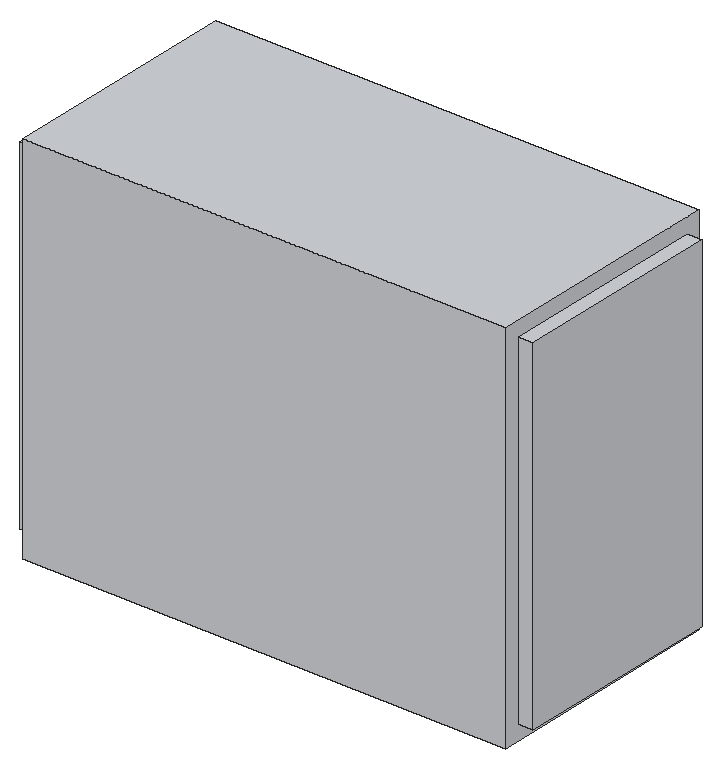
Revit family "a7e8cc0cfe65486281cfa3dd33e79fb8", category Mechanical Equipment, Revit 2021
Family settings
  Round Connector Dimension = Use Diameter
  Part Type = Normal
  OmniClass Number = 23.75.35.14
  OmniClass Title = Air Handling Units
  Seek Item ID = AHU Inspection Module - Medium-0000-USA-ENU
  Work Plane-Based = No
  Always vertical = Yes
  Cut with Voids When Loaded = No
  Shared = No
  Room Calculation Point = No
Parameters (values of type "For 3 Square Feet of Coil")
  Module Material = none
  Inspection Width = 1' - 4"
  Inspection Length = 2' - 8"
  Inspection Height = 2' - 1"
  Duct Width = 32"
  Duct Height = 25"
  Door Width = 1' - 2"
  Default Elevation = 0' - 0"
  Air Flow [instance] = 1500 CFM
Types (17): name | Inspection Width | Inspection Length | Inspection Height | Duct Width | Duct Height | Door Width | Air Flow
  (no name) | 1' - 4" | 2' - 8" | 2' - 1" | 32" | 25" | 1' - 2" | 1500 CFM
  For 3 Square Feet of Coil | 1' - 4" | 2' - 8" | 2' - 1" | 32" | 25" | 1' - 2" | 1500 CFM
  For 60 Square Feet of Coil | 1' - 4" | 3' - 8" | 2' - 4" | 44" | 28" | 1' - 2" | 30000 CFM
  For 8 Square Feet of Coil | 1' - 4" | 4' - 0" | 2' - 8" | 48" | 32" | 1' - 2" | 4000 CFM
  For 10 Square Feet of Coil | 1' - 4" | 5' - 0" | 2' - 10" | 60" | 34" | 1' - 2" | 5000 CFM
  For 12 Square Feet of Coil | 1' - 4" | 5' - 4" | 3' - 2" | 64" | 38" | 1' - 2" | 6000 CFM
  For 14 Square Feet of Coil | 1' - 4" | 5' - 8" | 3' - 4" | 68" | 40" | 1' - 2" | 7000 CFM
  For 17 Square Feet of Coil | 1' - 4" | 6' - 2" | 3' - 8" | 74" | 44" | 1' - 2" | 8500 CFM
  For 21 Square Feet of Coil | 1' - 4" | 6' - 4" | 4' - 2" | 76" | 50" | 1' - 2" | 10500 CFM
  For 25 Square Feet of Coil | 1' - 4" | 6' - 6" | 4' - 8" | 78" | 56" | 1' - 2" | 12500 CFM
  For 30 Square Feet of Coil | 1' - 4" | 7' - 8" | 4' - 8" | 92" | 56" | 1' - 2" | 15000 CFM
  For 35 Square Feet of Coil | 1' - 4" | 8' - 0" | 5' - 2" | 96" | 62" | 1' - 2" | 17500 CFM
  For 40 Square Feet of Coil | 1' - 4" | 9' - 2" | 5' - 2" | 110" | 62" | 1' - 2" | 20000 CFM
  For 50 Square Feet of Coil | 1' - 8" | 10' - 0" | 6' - 2" | 120" | 74" | 1' - 6" | 25000 CFM
  For 66 Square Feet of Coil | 1' - 8" | 11' - 6" | 7' - 8" | 138" | 92" | 1' - 6" | 33000 CFM
  For 80 Square Feet of Coil | 1' - 8" | 11' - 6" | 9' - 2" | 138" | 110" | 1' - 6" | 40000 CFM
  For 100 Square Feet of Coil | 1' - 8" | 12' - 8" | 10' - 0" | 152" | 120" | 1' - 6" | 50000 CFM
Reference planes (in)
  plane 1 "Center (Front/Back)": y = 0
  plane 2: z = 0
  plane 3 "Center (Left/Right)": x = 0
  plane 4: x = 16
  plane 5: x = -16
  plane 6: y = 16
  plane 7: z = 25
  plane 8: x = -17
  plane 9: x = 17
  plane 10: z = 24
  plane 11: y = 15
  plane 12: z = 1
  plane 13: y = 1
Forms (in)
  Extrusion 1, solid, material <- "Module Material", detail levels medium+fine
    sketch origin (0, 0, 0) x (1, 0, 0) y (0, 1, 0)
      loop
        line (-16, 16) -> (-16, 0) -> (16, 0) -> (16, 16) -> (-16, 16)
    from 0 to 25
  Extrusion 2, solid, material <- "Module Material", detail levels medium+fine
    sketch origin (0, 0, 0) x (0, 1, 0) y (0, 0, 1)
      loop
        line (1, 24) -> (1, 1) -> (15, 1) -> (15, 24) -> (1, 24)
    from -17 to 17
  Extrusion 3, solid, material <- "Module Material", detail levels coarse
    sketch origin (0, 0, 0) x (1, 0, 0) y (0, 1, 0)
      loop
        line (-17, 16) -> (-17, 0) -> (17, 0) -> (17, 16) -> (-17, 16)
    from 0 to 25
Cuts and joins
  joined: Extrusion 1, Extrusion 2
Dimensions and locks (in)
  equal spacing: plane 5, plane 3 "Center (Left/Right)", plane 4
  "Inspection Length": plane 5 to plane 4
  "Inspection Width": plane 1 "Center (Front/Back)" to plane 6
  "Inspection Height": plane 7 to plane 2
  locked: plane 8 to plane 5 at 1
  locked: plane 4 to plane 9 at 1
  locked: plane 12 to plane 2 at 1
  locked: plane 7 to plane 10 at 1
  locked: plane 11 to plane 6 at 1
  "Door Width": plane 13 to plane 11
  aligned and locked: plane 5 to Extrusion 1 sketch curve
  aligned and locked: plane 6 to Extrusion 1 sketch curve
  aligned and locked: plane 1 "Center (Front/Back)" to Extrusion 1 sketch curve
  aligned and locked: Extrusion 1 sketch curve to plane 4
  aligned and locked: Extrusion 1 to plane 2
  aligned and locked: plane 7 to Extrusion 1
  aligned and locked: plane 13 to Extrusion 2 sketch curve
  aligned and locked: Extrusion 2 sketch curve to plane 10
  aligned and locked: plane 12 to Extrusion 2 sketch curve
  aligned and locked: plane 11 to Extrusion 2 sketch curve
  aligned and locked: plane 9 to Extrusion 2
  aligned and locked: plane 8 to Extrusion 2
  aligned and locked: plane 8 to Extrusion 3 sketch curve
  aligned and locked: plane 6 to Extrusion 3 sketch curve
  aligned and locked: plane 1 "Center (Front/Back)" to Extrusion 3 sketch curve
  aligned and locked: Extrusion 3 sketch curve to plane 9
  aligned and locked: Extrusion 3 to plane 2
  aligned and locked: plane 7 to Extrusion 3
Connectors (in)
  hvac at (0, 0, 12.5), driven by "Duct Height", driven by "Duct Width", driven by "Air Flow"
    settings: on Extrusion 1, index 1, duct flow 1500 CFM, flow factor 0, pres drop 0.00 in-wg, loss coef 0, conn angle 0.00°, conn width 32", conn height 25", conn diameter 24", duct sys type 1, conn prof type 1, flow config 0, flow direction 0, loss method 0, conn ref index 2, conn util no, is conn primary yes, conn desc ""
  hvac at (0, 16, 12.5), driven by "Duct Height", driven by "Duct Width", driven by "Air Flow"
    settings: on Extrusion 1, index 2, duct flow 1500 CFM, flow factor 0, pres drop 0.00 in-wg, loss coef 0, conn angle 0.00°, conn width 32", conn height 25", conn diameter 24", duct sys type 1, conn prof type 1, flow config 0, flow direction 0, loss method 0, conn ref index 1, conn util no, is conn primary no, conn desc ""
